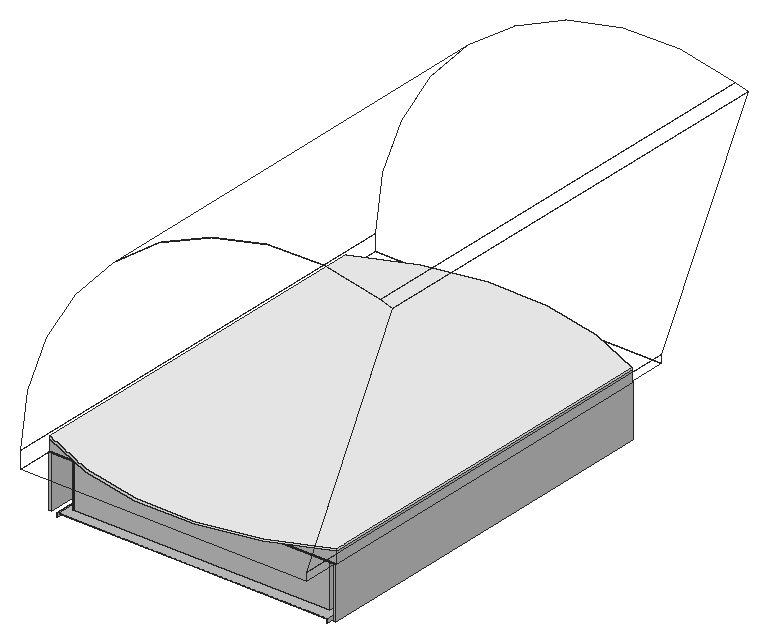
Revit family "Cabinet-Medicine-Kohler-99895_and_3073", category Furniture, host Face, Revit 2012
Parameters (values of type "Standard")
  zz YesNo 3 [instance] = and(Door Swings Right, Has Clearance Areas)  # yes
  zz YesNo 2 = zz Integer 1 = 2  # no
  zz YesNo 1 [instance] = and(Door Swings Left, Has Clearance Areas)  # no
  zz Length 8 [instance] = if(zz Length 5 < 26.000", 0.500", if(zz Length 5 > 35.500", 10.000", zz Length 5 - 25.500"))  # 4.500"
  zz Length 7 = 20.000"  # constant formula
  zz Length 6 [instance] = 20.000"
  zz Length 5 [instance] = 30.000"
  zz Length 4 = 31.000"  # constant formula
  zz Length 3 [instance] = if(Mirror is Surface Mounted, 3.643", 0.000")  # 0.000"
  zz Length 2 = 4.813"  # constant formula
  zz Length 1 [instance] = if(zz Length 6 > 25.300", 25.300" - 13.357", if(zz Length 6 < 14.000", 14.000" - 13.357", zz Length 6 - 13.357"))  # 6.643"
  zz Integer 1 = 1
  zz Angle 1 [instance] = if(Door is Open, 108.000°, 0.000°)  # 0.000°
  Width = zz Length 7  # 20.000"
  URL = "http://www.us.kohler.com/us/"
  Product Page URL = "http://www.us.kohler.com/us/catalog/productDetails.jsp?productNumber=99895"
  Product Material = Aluminum - Kohler - Anodized
  Part Number [instance] = Model  # "K-99895-NA"
  Part Description [instance] = Description  # "Archer Aluminum Single-Door Medicine Cabinet"
  Model Disclaimer = "Contact Kohler Company For More Information"  # constant formula
  Model = if(zz Integer 1 = 2, "K-3073-NA", if(zz Integer 1 = 1, "K-99895-NA", "Not Available"))  # "K-99895-NA"
  Mirror is Surface Mounted [instance] = no
  Manufacturer = "Kohler Company"  # constant formula
  Height = zz Length 4  # 31.000"
  Has Clearance Areas [instance] = yes
  Family Version = "1.0"  # constant formula
  Equipment Number [instance] = ""
  Equipment Abbreviation = "MC"
  Door is Open [instance] = no
  Door Swings Right [instance] = not(Door Swings Left)  # yes
  Door Swings Left [instance] = no
  Description = if(zz Integer 1 = 2, "Archer Aluminum Single-Door Medicine Cabinet, Beveled Edge", if(zz Integer 1 = 1, "Archer Aluminum Single-Door Medicine Cabinet", "Not Available"))  # "Archer Aluminum Single-Door Medicine Cabinet"
  Depth = zz Length 2  # 4.813"
  Default Elevation = 48.000"
  Date Modified = "January 26, 2015"  # constant formula
  Date Created = "January 26, 2015"  # constant formula
  Copyright = "Copyright ©2014 Kohler Company"  # constant formula
Types (3): name | zz YesNo 2 | zz Length 8 | zz Length 6 | zz Length 5 | zz Length 1 | zz Integer 1 | Product Page URL | Part Number | Part Description | Model | Description
  (no name) | no | 4.500" | 20.000" | 30.000" | 6.643" | 1 | "http://www.us.kohler.com/us/catalog/productDetails.jsp?productNumber=99895" | "K-99895-NA" | "Archer Aluminum Single-Door Medicine Cabinet" | "K-99895-NA" | "Archer Aluminum Single-Door Medicine Cabinet"
  Standard | no | 4.500" | 20.000" | 30.000" | 6.643" | 1 | "http://www.us.kohler.com/us/catalog/productDetails.jsp?productNumber=99895" | "K-99895-NA" | "Archer Aluminum Single-Door Medicine Cabinet" | "K-99895-NA" | "Archer Aluminum Single-Door Medicine Cabinet"
  Beveled | yes | 0.500" | 11.32794" | 21.75964" | 0.643" | 2 | "http://www.us.kohler.com/us/catalog/productDetails.jsp?productNumber=3073" | "K-3073-NA" | "Archer Aluminum Single-Door Medicine Cabinet, Beveled Edge" | "K-3073-NA" | "Archer Aluminum Single-Door Medicine Cabinet, Beveled Edge"
Reference planes (in)
  plane 1 "Center (Front/Back)": y = 0
  plane 2 "Center (Elevation)": z = 0
  plane 3 "Center (Left/Right)": x = 0
  plane 4 "Right": x = 10
  plane 5 "Top": y = 15.5
  plane 6 "Bottom": y = -15.5
  plane 7 "Left": x = -10
  plane 8: y = 0
  plane 9: y = 12.975
  plane 10: y = -12.975
  plane 11: z = -3.64315
  plane 12: x = -9.84981
  plane 13: x = 9.85
  plane 14: z = -0.0298
  plane 15: x = 8.975
  plane 16: x = -8.975
  plane 17: y = -12.175
  plane 18: y = 12.175
  plane 19: y = 4.5
  plane 20: y = 4.30428
  plane 21: y = -5.50018
  plane 22: y = -5.6959
  plane 23: z = 0
  plane 24: z = -3.8815
  plane 25: z = -3.61334
  plane 26: x = -9.38668
  plane 27: x = -9.43668
  plane 28: x = 9.43973
  plane 29: x = 9.38973
  plane 30: x = -8.93994
  plane 31: x = 8.94298
  plane 32: y = -12.14318
  plane 33: y = 12.13786
  plane 34: z = 0.575
  plane 35: x = 9.66
  plane 36: x = -9.93343
  plane 37: x = -9.66
  plane 38 "Front": z = 0.9315
  plane 39: z = 19.17285
  plane 40: z = 1.149
  plane 41: z = 20.24785
  plane 42: y = -25.5
Forms (in)
  Extrusion 1, solid, material "Aluminum - Kohler - Anodized" <- "Product Material", detail levels fine
    sketch origin (0, 0, 0) x (1, 0, 0) y (0, 0, 1)
      loop
        line (-10, 0) -> (-10, -3.64315) -> (-9.84981, -3.64315) -> (-9.84981, -0.0298) -> (-8.975, -0.0298) -> (-8.975, -3.61334) -> (-9.43668, -3.61334) -> (-9.43668, -3.8815) -> (-9.38668, -3.8815) -> (-9.38668, -3.64315) -> (9.38973, -3.64315) -> (9.38973, -3.8815) -> (9.43973, -3.8815) -> (9.43973, -3.61334) -> (8.975, -3.61334) -> (8.975, -0.0298) -> (9.85, -0.0298) -> (9.85, -3.64315) -> (10, -3.64315) -> (10, 0) -> (-10, 0)
    from -12.975 to 12.975
  Extrusion 2, void
    sketch origin (0, 0, 0) x (0, 1, 0) y (0, 0, 1)
      loop
        line (-12.975, -0.0298) -> (-12.975, -3.61334) -> (-12.175, -3.61334) -> (-12.175, -0.0298) -> (-12.975, -0.0298)
      loop
        line (12.175, -0.0298) -> (12.175, -3.61334) -> (12.975, -3.61334) -> (12.975, -0.0298) -> (12.175, -0.0298)
    from -9.84981 to 9.85
  Extrusion 3, void
    sketch origin (0, 0, 0) x (1, 0, 0) y (0, 1, 0)
      loop
        line (-8.93994, 12.13786) -> (-8.93994, -12.14318) -> (8.94298, -12.14318) -> (8.94298, 12.13786) -> (-8.93994, 12.13786)
    from -3.61334 to 0
  Extrusion 4, solid, material "Aluminum - Kohler - Anodized" <- "Product Material", detail levels coarse+medium
    sketch origin (0, 0, 0) x (1, 0, 0) y (0, 0, 1)
      loop
        line (-10, 0) -> (-10, -3.64315) -> (10, -3.64315) -> (10, 0) -> (-10, 0)
    from -12.975 to 12.975
  Extrusion 5, solid, material "Glass - Kohler", visible <- "Door is Open"
    sketch origin (0, 0, 0) x (1, 0, 0) y (0, 1, 0)
      loop
        line (-8.93994, -5.50018) -> (-8.93994, -5.6959) -> (8.94298, -5.6959) -> (8.94298, -5.50018) -> (-8.93994, -5.50018)
      loop
        line (-8.93994, 4.5) -> (-8.93994, 4.30428) -> (8.94298, 4.30428) -> (8.94298, 4.5) -> (-8.93994, 4.5)
    from -3.61334 to 0
  Extrusion 6, solid, material "Clearance Area", visible <- "zz YesNo 1"
    sketch origin (0, 0, 0) x (1, 0, 0) y (0, 0, 1)
      loop
        line (-10, 0) -> (10, 0) -> (10, 1.149)
        arc (10, 1.149) -> (1.90078, 16.48705) -> (-15.18937, 19.45015) r 19.66838
        line (-15.18937, 19.45015) -> (-16.04281, 19.17285) -> (-10, 0.575) -> (-10, 0)
    from -15.5 to 15.5
  Extrusion 7, solid, material "Clearance Area", visible <- "zz YesNo 3"
    sketch origin (0, 0, 0) x (-1, 0, 0) y (0, 0, -1)
      loop
        line (-10, 0) -> (-10, -0.575) -> (-16.04281, -19.17285) -> (-15.18937, -19.45015)
        arc (-15.18937, -19.45015) -> (1.90078, -16.48705) -> (10, -1.149) r 19.66838
        line (10, -1.149) -> (10, 0) -> (-10, 0)
    from -15.5 to 15.5
  Extrusion 8, void
    sketch origin (0, 0, 0) x (1, 0, 0) y (0, 0, 1)
      loop
        line (-10, 0) -> (-10, -3.8815) -> (10, -3.8815) -> (10, 0) -> (-10, 0)
    from -12.975 to 12.975
Cuts and joins
  Extrusion 2, Extrusion 3 cuts Extrusion 1
  Extrusion 3 cuts Extrusion 4
Lines and regions (in)
  Masking region 1
    outline origin (0, 0, 0) x (1, 0, 0) y (0, 0, 1)
      loop
        line (-10, 0.9315) -> (-10, -3.64315) -> (10, -3.64315) -> (10, 0.9315) -> (-10, 0.9315)
  Masking region 2, detail levels fine
    outline origin (0, 0, 0) x (1, 0, 0) y (0, 0, 1)
      loop
        line (-9.43668, -3.64315) -> (-9.43668, -3.8815) -> (-9.38668, -3.8815) -> (-9.38668, -3.64315) -> (-9.43668, -3.64315)
      loop
        line (9.38973, -3.64315) -> (9.38973, -3.8815) -> (9.43973, -3.8815) -> (9.43973, -3.64315) -> (9.38973, -3.64315)
  reference lines
    curve 1: line (9.66, 0, 0.575) -> (-9.93343, 0, 0.575)
    curve 2: line (-9.66, 0, 0.575) -> (9.92507, 0, 0.575)
    curve 18: line (-8.93994, 4.5, 0) -> (8.94298, 4.5, 0)
    curve 19: line (-8.93994, -5.5, 0) -> (8.94298, -5.5, 0)
  symbolic lines, style "Clearance Areas", visible <- "zz YesNo 1"
    curve 3: line (-10, 0, 0) -> (-10, 0, 0.575)
    curve 4: arc (-15.18937, 0, 19.45015) -> (1.90078, 0, 16.48705) -> (10, 0, 1.149) r 19.66838
    curve 5: line (10, 0, 1.149) -> (10, 0, 0)
    curve 6: line (-15.18937, 0, 19.45015) -> (-16.04281, 0, 19.17285)
    curve 7: line (-16.04281, 0, 19.17285) -> (-10, 0, 0.575)
  symbolic lines, style "Clearance Areas", visible <- "Door Swings Right"
    curve 8: line (10, 0, 0) -> (10, 0, 0.575)
    curve 9: line (10, 0, 0.575) -> (16.04281, 0, 19.17285)
    curve 10: arc (15.18937, 0, 19.45015) -> (-1.90078, 0, 16.48705) -> (-10, 0, 1.149) r 19.66838
    curve 11: line (-10, 0, 0) -> (-10, 0, 1.149)
    curve 12: line (16.04281, 0, 19.17285) -> (15.18937, 0, 19.45015)
  symbolic lines, style "Clearance Areas", visible <- "Has Clearance Areas"
    curve 13: line (0, -12.975, 0) -> (0, -15.5, 0)
    curve 14: line (0, -15.5, 0) -> (0, -15.5, 20.24785)
    curve 15: line (0, -15.5, 20.24785) -> (0, 15.5, 20.24785)
    curve 16: line (0, 15.5, 20.24785) -> (0, 15.5, 0)
    curve 17: line (0, 15.5, 0) -> (0, 12.975, 0)
  symbolic lines, detail levels fine
    curve 20: line (-10, 0, 0) -> (10, 0, 0)
Dimensions and locks (in)
  equal spacing: plane 7 "Left", plane 3 "Center (Left/Right)", plane 4 "Right"
  equal spacing: plane 5 "Top", plane 8, plane 6 "Bottom"
  "zz Length 4": plane 5 "Top" to plane 6 "Bottom"
  "zz Length 7": plane 7 "Left" to plane 4 "Right"
  plane 5 "Top" to plane 9 to plane 18 to plane 33 = 2.525" locked, 0.800" locked, 0.03714" locked
  plane 32 to plane 17 to plane 10 to plane 6 "Bottom" = 0.03182" locked, 0.800" locked, 2.525" locked
  plane 7 "Left" to plane 36 to plane 12 to plane 37 to plane 27 to plane 26 to plane 16 to plane 30 = 0.06657" locked, 0.08363" locked, 0.18981" locked, 0.22332" locked, 0.050" locked, 0.41168" locked, 0.03506" locked
  plane 31 to plane 15 to plane 29 to plane 28 to plane 35 to plane 13 to plane 4 "Right" = 0.03202" locked, 0.41473" locked, 0.050" locked, 0.22027" locked, 0.190" locked, 0.150" locked
  plane 41 to plane 39 to plane 40 to plane 34 to plane 23 to plane 14 to plane 25 to plane 11 to plane 24 = 1.075" locked, 18.02385" locked, 0.574" locked, 0.575" locked, 0.0298" locked, 3.58354" locked, 0.0298" locked, 0.23835" locked
  locked: curve 1 to curve 1 at 19.59343
  "zz Length 1": plane 21 to plane 32
  "zz Length 8": plane 19 to plane 8
  "zz Length 3": plane 23 to plane 2 "Center (Elevation)"
  locked: curve 2 to curve 2 at 19.58507
  "zz Length 2": plane 38 "Front" to plane 24
  locked: plane 21 to plane 22 at 0.19572
  locked: plane 19 to plane 20 at 0.19572
  locked: plane 6 "Bottom" to plane 42 at 10
  "zz Length 6": curve 19 to plane 42
  "zz Length 5": curve 18 to plane 42
  "zz Angle 1": angle curve 1 to plane 34
  "zz Angle 1": angle plane 34 to curve 2
  aligned and locked: plane 2 "Center (Elevation)" to host face
  aligned and locked: level to host face
  aligned and locked: Extrusion 1 sketch curve to plane 7 "Left"
  aligned and locked: Extrusion 1 sketch curve to plane 11  (x3)
  aligned and locked: plane 4 "Right" to Extrusion 1 sketch curve
  aligned and locked: Extrusion 1 sketch curve to plane 13
  aligned and locked: plane 12 to Extrusion 1 sketch curve
  aligned and locked: Extrusion 1 sketch curve to plane 14
  aligned and locked: plane 23 to Extrusion 1 sketch curve
  aligned and locked: plane 9 to Extrusion 1
  aligned and locked: Extrusion 1 to plane 10
  aligned and locked: Extrusion 1 sketch curve to plane 24  (x2)
  aligned and locked: Extrusion 1 sketch curve to plane 27
  aligned and locked: Extrusion 1 sketch curve to plane 25
  aligned and locked: plane 16 to Extrusion 1 sketch curve
  aligned and locked: Extrusion 1 sketch curve to plane 29
  aligned and locked: plane 26 to Extrusion 1 sketch curve
  aligned and locked: Extrusion 2 sketch curve to plane 17
  aligned and locked: plane 10 to Extrusion 2 sketch curve
  aligned and locked: plane 25 to Extrusion 2 sketch curve  (x2)
  aligned and locked: Extrusion 2 sketch curve to plane 14  (x2)
  aligned and locked: plane 18 to Extrusion 2 sketch curve
  aligned and locked: Extrusion 2 sketch curve to plane 9
  aligned and locked: Extrusion 2 to plane 12
  aligned and locked: plane 13 to Extrusion 2
  aligned and locked: plane 30 to Extrusion 3 sketch curve
  aligned and locked: Extrusion 3 sketch curve to plane 31
  aligned and locked: Extrusion 3 sketch curve to plane 33
  aligned and locked: plane 32 to Extrusion 3 sketch curve
  aligned and locked: plane 23 to Extrusion 3
  aligned and locked: Extrusion 3 to plane 25
  aligned and locked: plane 7 "Left" to Extrusion 4 sketch curve
  aligned and locked: Extrusion 4 sketch curve to plane 4 "Right"
  aligned and locked: plane 11 to Extrusion 4 sketch curve
  aligned and locked: Extrusion 4 sketch curve to plane 23
  aligned and locked: plane 9 to Extrusion 4
  aligned and locked: Extrusion 4 to plane 10
  aligned and locked: plane 35 to curve 1
  aligned and locked: plane 34 to curve 1
  aligned and locked: nested 1 to curve 1  (x2)
  aligned and locked: plane 22 to Extrusion 5 sketch curve
  aligned and locked: Extrusion 5 sketch curve to plane 21
  aligned and locked: Extrusion 5 sketch curve to plane 31  (x2)
  aligned and locked: plane 30 to Extrusion 5 sketch curve  (x2)
  aligned and locked: plane 20 to Extrusion 5 sketch curve
  aligned and locked: Extrusion 5 sketch curve to plane 19
  aligned and locked: plane 23 to Extrusion 5
  aligned and locked: Extrusion 5 to plane 25
  aligned and locked: plane 37 to curve 2
  aligned and locked: nested 2 to curve 2  (x2)
  aligned and locked: plane 5 "Top" to Extrusion 6
  aligned and locked: Extrusion 6 to plane 6 "Bottom"
  aligned and locked: Extrusion 7 to plane 6 "Bottom"
  aligned and locked: plane 5 "Top" to Extrusion 7
  aligned and locked: plane 37 to Extrusion 6 sketch curve
  aligned and locked: plane 34 to Extrusion 6 sketch curve  (x2)
  aligned and locked: plane 7 "Left" to Extrusion 6 sketch curve
  aligned and locked: Extrusion 6 sketch curve to plane 23
  aligned and locked: plane 4 "Right" to Extrusion 6 sketch curve
  aligned and locked: plane 4 "Right" to Extrusion 7 sketch curve
  aligned and locked: plane 23 to Extrusion 7 sketch curve
  aligned and locked: plane 35 to Extrusion 7 sketch curve
  aligned and locked: plane 34 to Extrusion 7 sketch curve  (x2)
  aligned and locked: plane 7 "Left" to Extrusion 7 sketch curve
  aligned and locked: plane 39 to Extrusion 6 sketch curve
  aligned and locked: plane 39 to Extrusion 7 sketch curve
  aligned and locked: plane 40 to Extrusion 6 sketch curve
  aligned and locked: plane 40 to Extrusion 7 sketch curve
  aligned and locked: plane 37 to curve 4
  aligned and locked: plane 34 to curve 4
  aligned and locked: plane 34 to curve 7
  aligned and locked: plane 39 to curve 7
  aligned and locked: curve 5 to plane 4 "Right"
  aligned and locked: plane 40 to curve 5
  aligned and locked: plane 39 to curve 12
  aligned and locked: plane 34 to curve 9
  aligned and locked: plane 40 to curve 11
  aligned and locked: plane 35 to curve 10
  aligned and locked: plane 34 to curve 10
  aligned and locked: plane 23 to curve 5
  aligned and locked: plane 23 to curve 13
  aligned and locked: plane 10 to curve 13
  aligned and locked: plane 6 "Bottom" to curve 14
  aligned and locked: curve 15 to plane 41
  aligned and locked: curve 16 to plane 5 "Top"
  aligned and locked: Extrusion 7 to plane 23
  aligned and locked: plane 9 to curve 17
  aligned and locked: Masking region 1 sketch curve to plane 38 "Front"
  aligned and locked: plane 11 to Masking region 1 sketch curve
  aligned and locked: Masking region 1 sketch curve to plane 4 "Right"
  aligned and locked: plane 7 "Left" to Masking region 1 sketch curve
  aligned and locked: plane 7 "Left" to curve 20
  aligned and locked: plane 4 "Right" to curve 20
  aligned and locked: curve 20 to plane 23
  aligned and locked: Masking region 2 sketch curve to plane 28
  aligned and locked: plane 29 to Masking region 2 sketch curve
  aligned and locked: plane 24 to Masking region 2 sketch curve  (x2)
  aligned and locked: Masking region 2 sketch curve to plane 11  (x2)
  aligned and locked: Masking region 2 sketch curve to plane 26
  aligned and locked: plane 27 to Masking region 2 sketch curve
  aligned and locked: Extrusion 8 sketch curve to plane 4 "Right"
  aligned and locked: plane 24 to Extrusion 8 sketch curve
  aligned and locked: plane 7 "Left" to Extrusion 8 sketch curve
  aligned and locked: Extrusion 8 sketch curve to plane 23
  aligned and locked: plane 9 to Extrusion 8
  aligned and locked: Extrusion 8 to plane 10
  aligned and locked: plane 30 to curve 18
  aligned and locked: plane 31 to curve 18
  aligned and locked: plane 31 to curve 19
  aligned and locked: plane 30 to curve 19
Automatic sketch dimensions
  host sketch curve to host sketch curve = 2.70693"
  host sketch curve to host sketch curve = 2.57967"
  Extrusion 1 sketch curve to plane 14 = 0.000"
  Extrusion 1 sketch curve to plane 15 = 0.000"
  Extrusion 1 sketch curve to plane 25 = 0.000"
  Extrusion 1 sketch curve to plane 28 = 0.000"
  curve 2 to plane 34 = 0.000"
  Extrusion 6 sketch curve to Extrusion 6 sketch curve = 0.85344"
  Extrusion 7 sketch curve to Extrusion 7 sketch curve = 0.85344"
  Extrusion 7 sketch curve to level = 0.000"
  curve 16 to plane 23 = 0.000"
  plane 39 to curve 6 = 0.2773"
  plane 39 to curve 12 = 0.2773"
Nested families (in)
  nested 1: "Mirror" at (0, 0, 0.575), Has Bevel <- "zz YesNo 2", Case Material <- "Product Material", visible <- "Door Swings Right", type "Mirror"
    with z Void Push 1.500", Mirror Material Glass - Kohler - Mirrored, Has Bevel no, Case Material Aluminum - Kohler - Anodized
  nested 2: "Mirror" at (0, 0, 0.575), Has Bevel <- "zz YesNo 2", visible <- "Door Swings Left", Case Material <- "Product Material", type "Mirror"
    with z Void Push 1.500", Mirror Material Glass - Kohler - Mirrored, Has Bevel no, Case Material Aluminum - Kohler - Anodized
Definition of nested family "Mirror"
  Parameters (values of type "Family2")
    z Void Push [instance] = if(Has Bevel, 0.870", 1.500")  # 0.870"
    Mirror Material [instance] = none
    Has Bevel [instance] = yes
    Default Elevation = 48.000"
    Case Material [instance] = none
  Reference planes (in)
    plane 1 "Center (Front/Back)": y = 0
    plane 2 "Center (Elevation)": z = 0
    plane 3 "Center (Left/Right)": x = 0
    plane 4: y = 15.5
    plane 5: y = -15.5
    plane 6: x = -10
    plane 7: x = 10
    plane 8: z = -0.574
    plane 9: z = 0.356
    plane 10: z = 0.201
    plane 11: y = 12.9
    plane 12: y = -12.9
    plane 13: z = 0.856
    plane 14: z = -1.074
    plane 15: x = -9.25
    plane 16: z = 0.296
  Forms (in)
    Extrusion 1, solid, material <- "Case Material"
      sketch origin (0, 0, 0) x (0, 1, 0) y (0, 0, 1)
        loop
          line (-12.9, 0.201) -> (-12.9, -0.574) -> (12.9, -0.574) -> (12.9, 0.201) -> (-12.9, 0.201)
      from -10 to 10
    Extrusion 2, solid, material <- "Mirror Material"
      sketch origin (0, 0, 0) x (1, 0, 0) y (0, 1, 0)
        loop
          line (-10, 12.9) -> (-10, -12.9)
          arc (-10, -12.9) -> (0, -15.5) -> (10, -12.9) r 20.53077
          line (10, -12.9) -> (10, 12.9)
          arc (10, 12.9) -> (0, 15.5) -> (-10, 12.9) r 20.53077
      from 0.201 to 0.356
    Sweep 3, void
      path in 3D
        loop
          arc (-10, 12.9, 4.93) -> (0, 15.5, 4.93) -> (10, 12.9, 4.93) r 20.53077
          line (10, 12.9, 4.93) -> (10, -12.9, 4.93)
          arc (10, -12.9, 4.93) -> (0, -15.5, 4.93) -> (-10, -12.9, 4.93) r 20.53077
          line (-10, -12.9, 4.93) -> (-10, 12.9, 4.93)
      profile origin (-10, 0, 4.93) x (-1, 0, 0) y (0, 0, 1)
        loop
          line (-0.9481, -4.48747) -> (-0.9481, -4.55815) -> (0, -4.634) -> (0.15, -4.634) -> (0.15, -4.48747) -> (-0.9481, -4.48747)
  Cuts and joins
    Sweep 3 cuts Extrusion 2
  Lines and regions (in)
    sketch lines
      curve 1: line (-10, -12.9, 4.93) -> (-10, 12.9, 4.93)
      curve 2: arc (-10, 12.9, 4.93) -> (0, 15.5, 4.93) -> (10, 12.9, 4.93) r 20.53077
      curve 3: line (10, 12.9, 4.93) -> (10, -12.9, 4.93)
      curve 4: arc (10, -12.9, 4.93) -> (0, -15.5, 4.93) -> (-10, -12.9, 4.93) r 20.53077
  Dimensions and locks (in)
    equal spacing: plane 5, plane 1 "Center (Front/Back)", plane 4
    equal spacing: plane 6, plane 3 "Center (Left/Right)", plane 7
    locked: plane 1 "Center (Front/Back)" to plane 4 at 15.5
    locked: plane 6 to plane 3 "Center (Left/Right)" at 10
    plane 9 to plane 10 to plane 8 = 0.155" locked, 0.775" locked
    locked: plane 12 to plane 5 at 2.6
    locked: plane 4 to plane 11 at 2.6
    locked: plane 8 to plane 14 at 0.5
    locked: plane 13 to plane 9 at 0.5
    plane 15 to plane 6 = 0.750"
    Sweep 3 sketch curve to plane 6 to Sweep 3 sketch curve = 0.9481" locked, 0.150" locked
    Sweep 3 sketch curve to Sweep 3 sketch curve to plane 16 = 0.07068" locked, 0.07585" locked
    "z Void Push": plane 16 to plane 8
    locked: plane 9 to plane 2 "Center (Elevation)" at 0.356
    aligned and locked: plane 2 "Center (Elevation)" to level
    aligned and locked: Extrusion 1 sketch curve to plane 12
    aligned and locked: plane 11 to Extrusion 1 sketch curve
    aligned and locked: Extrusion 1 sketch curve to plane 8
    aligned and locked: Extrusion 1 to plane 6
    aligned and locked: plane 7 to Extrusion 1
    aligned and locked: plane 9 to Extrusion 2
    aligned and locked: Extrusion 2 to plane 10
    aligned and locked: plane 10 to Extrusion 1 sketch curve
    aligned and locked: plane 16 to Sweep 3 sketch curve
    aligned and locked: profile plane to Sweep 3 sketch curve
  Automatic sketch dimensions
    Extrusion 2 sketch curve to plane 6 = 0.000"
    Extrusion 2 sketch curve to plane 3 "Center (Left/Right)" = 0.000"
    Extrusion 2 sketch curve to plane 7 = 0.000"
    Extrusion 2 sketch curve to plane 12 = 0.000"
    Extrusion 2 sketch curve to plane 11 = 0.000"  (x2)
    plane 1 "Center (Front/Back)" to Extrusion 2 sketch curve = 5.03077"
    Extrusion 2 sketch curve to plane 1 "Center (Front/Back)" = 5.03077"
